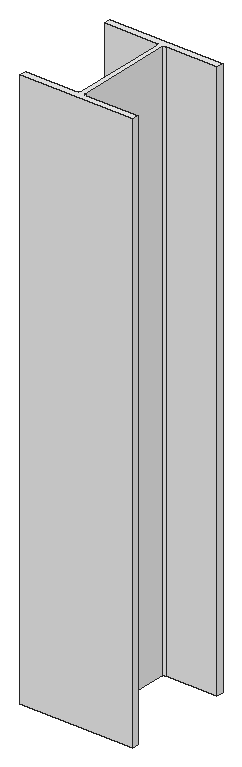
Revit family
Parameters (values of type "WWF500x306")
  kr = k - (tw / 2)  # 10 mm
  Column Material [instance] = Metal - Steel - 345 MPa
  Assembly Code = ""
  A = 0.039 m²
  W = 3
  bf = 500 mm
  d = 500 mm
  k = 20 mm
  tf = 30 mm
  tw = 20 mm
Reference planes
  plane 1: y = 0
  plane 2: z = 0
  plane 3: x = 0
  plane 4: x = -250
  plane 5: x = 250
  plane 6: y = 250
  plane 7: y = -250
  plane 8: x = -3.969
  plane 9: x = 3.969
Forms (mm)
  Extrusion 1, solid, material "Metal - Steel - 345 MPa" <- "Column Material", detail levels medium
    sketch origin (0, 0, 0) x (1, 0, 0) y (0, 1, 0)
      loop
        line (-250, 250) -> (-250, 220) -> (-10, 220) -> (-10, -220) -> (-250, -220) -> (-250, -250) -> (250, -250) -> (250, -220) -> (10, -220) -> (10, 220) -> (250, 220) -> (250, 250) -> (-250, 250)
    from 0 to 2500
  Extrusion 2, solid, material "Metal - Steel - 345 MPa" <- "Column Material", detail levels fine
    sketch origin (0, 0, 0) x (1, 0, 0) y (0, 1, 0)
      loop
        line (-250, 250) -> (-250, 220) -> (-20, 220)
        arc (-20, 220) -> (-12.929, 217.071) -> (-10, 210) r 10
        line (-10, 210) -> (-10, -210)
        arc (-10, -210) -> (-12.929, -217.071) -> (-20, -220) r 10
        line (-20, -220) -> (-250, -220) -> (-250, -250) -> (250, -250) -> (250, -220) -> (20, -220)
        arc (20, -220) -> (12.929, -217.071) -> (10, -210) r 10
        line (10, -210) -> (10, 210)
        arc (10, 210) -> (12.929, 217.071) -> (20, 220) r 10
        line (20, 220) -> (250, 220) -> (250, 250) -> (-250, 250)
    from 0 to 2500
Lines and regions (mm)
  symbolic lines, style "StructuralColumnStickSymbols", detail levels coarse
    curve 1: line (-250, 250, 0) -> (250, 250, 0)
    curve 2: line (-250, -250, 0) -> (250, -250, 0)
    curve 3: line (0, 250, 0) -> (0, -250, 0)
  symbolic lines, style "Hidden Faces", detail levels medium+fine
    curve 4: line (-3.969, 0, 0) -> (-3.969, 0, 2500)
    curve 5: line (3.969, 0, 2500) -> (3.969, 0, 0)
Dimensions and locks
  equal spacing: plane 4, plane 3, plane 5
  equal spacing: plane 7, plane 1, plane 6
  "d": plane 7 to plane 6
  "bf": plane 4 to plane 5
  "tf": plane 7 to Extrusion 1 sketch curve
  "tf": Extrusion 1 sketch curve to plane 6
  equal spacing: Extrusion 1 sketch curve, plane 3, Extrusion 1 sketch curve
  "tw": Extrusion 1 sketch curve to Extrusion 1 sketch curve
  "kr": radius of Extrusion 2 sketch curve  (x4)
  aligned and locked: Extrusion 1 sketch curve to plane 6
  aligned and locked: Extrusion 1 sketch curve to plane 7
  aligned and locked: Extrusion 1 sketch curve to plane 4  (x2)
  aligned and locked: plane 5 to Extrusion 1 sketch curve  (x2)
  aligned and locked: Extrusion 1 sketch curve to Extrusion 1 sketch curve  (x2)
  aligned and locked: level to Extrusion 1
  aligned and locked: level to plane 2
  aligned and locked: Extrusion 1 to plane 2
  aligned and locked: Extrusion 2 sketch curve to plane 6
  aligned and locked: plane 5 to Extrusion 2 sketch curve  (x2)
  aligned and locked: Extrusion 2 sketch curve to plane 4  (x2)
  aligned and locked: Extrusion 2 sketch curve to Extrusion 1  (x6)
  aligned and locked: Extrusion 2 sketch curve to plane 7
  aligned and locked: level to Extrusion 2
  aligned and locked: Extrusion 2 to level
Automatic sketch dimensions
  curve 2 to plane 4 = 0 mm
  curve 1 to plane 4 = 0 mm
  curve 3 to plane 3 = 0 mm
  curve 2 to plane 5 = 0 mm
  curve 1 to plane 5 = 0 mm
  curve 3 to plane 7 = 0 mm
  curve 3 to plane 6 = 0 mm
  curve 4 to level = 0 mm  (x2)
  curve 4 to plane 8 = 0 mm
  curve 5 to level = 0 mm  (x2)
  curve 5 to plane 9 = 0 mm
